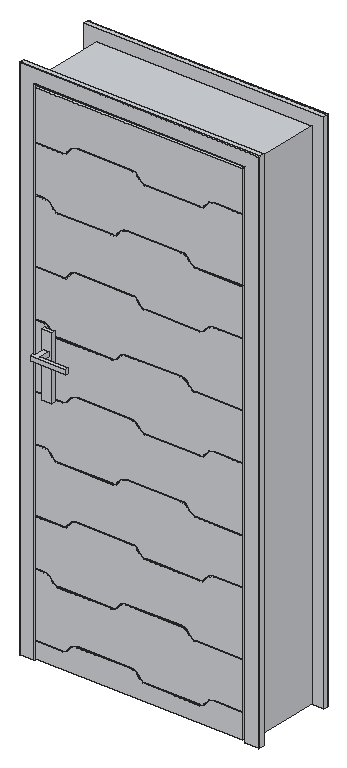
Revit family "PortaVECTORbp_I", category Drzwi, Revit 2016
Family settings
  Obiekt nadrzędny = Ściana
  Zawsze pionowo = Tak
  Tnij formami wycięć po wczytaniu = Nie
  Współdzielony = Nie
  Punkt obliczania pomieszczeń = Nie
Parameters (values of type "PN 80")
  Zakres szerokości muru [instance] = if(and(Szerokość ściany > 94 mm, Szerokość ściany < 120 mm), "B", (if(and(Szerokość ściany > 119 mm, Szerokość ściany < 140 mm), "C", (if(and(Szerokość ściany > 139 mm, Szerokość ściany < 160 mm), "D", (if(and(Szerokość ściany > 159 mm, Szerokość ściany < 180 mm), "E", (if(and(Szerokość ściany > 179 mm, Szerokość ściany < 200 mm), "F", (if(and(Szerokość ściany > 199 mm, Szerokość ściany < 220 mm), "G", (if(and(Szerokość ściany > 219 mm, Szerokość ściany < 240 mm), "H", (if(and(Szerokość ściany > 239 mm, Szerokość ściany < 260 mm), "I", (if(and(Szerokość ściany > 259 mm, Szerokość ściany < 280 mm), "J", (if(and(Szerokość ściany > 279 mm, Szerokość ściany < 301 mm), "K", "BRAK")))))))))))))))))))  # "K"
  Wysokość brutto = 2060 mm
  Szerokość ściany [instance] = 300 mm
  Szerokość brutto = 880 mm
  Model = "Porta Vector I"
  Konstrukcja analityczna = "<Brak>"
  Funkcja = Wewnętrzna
  URL = "www.porta.com.pl"
  Ss = 818 mm
  Sb = 846 mm
  Producent = "PORTA KMI POLAND"
  Keynote = ""
  Opis = "Własność Porta KMI Poland, wszelkie prawa zastrzeżone."  # constant formula
  Wysokość = 2016 mm
  Zakończenie ściany = Wg obiektu nadrzędnego
  Szerokość = 800 mm
  Materiał_skrzydło [instance] = none
  Materiał_ościeżnica [instance] = none
  Materiał_klamka [instance] = none
  Hs = 2017 mm
Reference planes
  plane 1: y = 0
  plane 2 "Środek (Lewa/Prawa)": x = 0
  plane 3 "Lewy": x = -440
  plane 4 "Prawy": x = 440
  plane 5: z = 2060
  plane 6 "Zewnętrzna": y = 150
  plane 7 "Wewnętrzna": y = -150
  plane 8 "skrzydło": y = -129
Forms (mm)
  Sweep 1, solid, material <- "Materiał_ościeżnica"
    path in 3D
      loop
        line (-440, -150, 0) -> (-440, -150, 2060) -> (440, -150, 2060) -> (440, -150, 0)
    profile origin (-440, -150, 1030) x (0, -1, 0) y (1, 0, 0)
      loop
        line (-24, 39) -> (-72, 39) -> (-72, 17) -> (0, 17) -> (0, -33) -> (16, -33)
        arc (16, -33) -> (18.121, -32.121) -> (19, -30) r 3
        line (19, -30) -> (19, 24)
        arc (19, 24) -> (18.121, 26.121) -> (16, 27) r 3
        line (16, 27) -> (-24, 27) -> (-24, 39)
  Sweep 2, solid, material <- "Materiał_ościeżnica"
    path in 3D
      loop
        line (440, 150, 0) -> (440, 150, 2060) -> (-440, 150, 2060) -> (-440, 150, 0)
    profile origin (-440, 150, 1030) x (1, 0, 0) y (0, 1, 0)
      loop
        line (-33, 0) -> (17, 0) -> (17, -228) -> (39, -228) -> (39, -1)
        arc (39, -1) -> (37.536, 2.536) -> (34, 4) r 5
        line (34, 4) -> (25, 4) -> (25, 16)
        arc (25, 16) -> (24.121, 18.121) -> (22, 19) r 3
        line (22, 19) -> (-30, 19)
        arc (-30, 19) -> (-32.121, 18.121) -> (-33, 16) r 3
        line (-33, 16) -> (-33, 0)
  Sweep 3, solid, not visible
    path in 3D
      loop
        line (-440, -150, 0) -> (-440, -150, 2060)
    profile origin (-440, -150, 1030) x (0, -1, 0) y (1, 0, 0)
      loop
        line (-151, 17) -> (-149, 17) -> (-149, 19) -> (-151, 19) -> (-151, 17)
Cuts and joins
  joined: Sweep 1, Sweep 2
Lines and regions (mm)
  Opening 1
    outline origin (-3050, -150, 0) x (1, 0, 0) y (0, 0, 1)
      loop
        line (2610, 0) -> (3490, 0) -> (3490, 2060) -> (2610, 2060) -> (2610, 0)
  sketch lines
    curve 1: line (-440, -150, 0) -> (-440, -150, 2060)
    curve 2: line (-440, -150, 2060) -> (440, -150, 2060)
    curve 3: line (440, -150, 2060) -> (440, -150, 0)
    curve 4: line (-440, 150, 2060) -> (-440, 150, 0)
    curve 5: line (440, 150, 2060) -> (-440, 150, 2060)
    curve 6: line (440, 150, 0) -> (440, 150, 2060)
    curve 12: line (-440, -150, 0) -> (-440, -150, 2060)
  symbolic lines, style "DoorsPanelProjection"
    curve 7: line (409, -150, 0) -> (409, -968, 0)
    curve 8: line (409, -968, 0) -> (369, -968, 0)
    curve 9: line (369, -968, 0) -> (369, -150, 0)
    curve 10: line (369, -150, 0) -> (409, -150, 0)
  symbolic lines, style "Ugięcie rzutu"
    curve 11: arc (-409, -150, 0) -> (-169.413, -728.413, 0) -> (409, -968, 0) r 818
Text (mm)
  text "Zewnętrzna" at (-2295.016, 1099.543, 0), in view "Poziom odniesienia"
  text "Zewnętrzna" at (0, 1615.38, 3698.081), in view "Lewy"
  text "Zewnętrzna" at (0, 1036.032, 3874.932), in view "Prawy"
Dimensions and locks
  equal spacing: plane 3 "Lewy", plane 2 "Środek (Lewa/Prawa)", plane 4 "Prawy"
  "Szerokość brutto": plane 3 "Lewy" to plane 4 "Prawy"
  "Wysokość brutto": plane 5 to host wall
  host wall to plane 5 = 2060 mm  (x2)
  locked: plane 6 "Zewnętrzna" to host wall at 0
  locked: plane 7 "Wewnętrzna" to host wall
  "Sb": Sweep 1 to Sweep 1
  locked: Sweep 1 sketch curve to Sweep 1 sketch curve at 22
  Sweep 1 sketch curve to Sweep 1 sketch curve = 50 mm
  locked: Sweep 1 sketch curve to profile plane at 72
  locked: Sweep 2 sketch curve to Sweep 2 sketch curve at 50
  locked: Sweep 2 sketch curve to Sweep 2 sketch curve at 22
  locked: Sweep 2 sketch curve to plane 6 "Zewnętrzna" at 1
  locked: curve 9 to curve 7 at 40
  "Ss": curve 8 to curve 10
  equal spacing: curve 11, plane 2 "Środek (Lewa/Prawa)", curve 7
  locked: plane 7 "Wewnętrzna" to plane 8 "skrzydło" at 21
  locked: host wall to Sweep 3 sketch curve at 1
  locked: Sweep 3 sketch curve to host wall at 1
  locked: Sweep 3 sketch curve to plane 6 "Zewnętrzna" at 151
  locked: plane 7 "Wewnętrzna" to Sweep 3 sketch curve at 151
  nested 1 to plane 2 "Środek (Lewa/Prawa)" to nested 1 = 409 mm, 409 mm
  locked: nested 1 to level at 8
  "Szerokość ściany": host wall to host wall
  aligned and locked: plane 3 "Lewy" to Opening 1 sketch curve
  aligned and locked: plane 5 to Opening 1 sketch curve  (x2)
  aligned and locked: Opening 1 sketch curve to plane 4 "Prawy"
  aligned and locked: Opening 1 sketch curve to level
  aligned and locked: plane 1 to host wall
  aligned and locked: Sweep 1 to Sweep 2 sketch curve
  aligned and locked: plane 7 "Wewnętrzna" to curve 10
  aligned and locked: Sweep 3 sketch curve to cut or joined group of Sweep 1, Sweep 2
  aligned and locked: Sweep 2 sketch curve to cut or joined group of Sweep 1, Sweep 2
  aligned and locked: nested 1 to plane 8 "skrzydło"
  aligned and locked: plane 2 "Środek (Lewa/Prawa)" to nested 1
Automatic sketch dimensions
  profile plane to Sweep 1 sketch curve = 24 mm
  Sweep 1 sketch curve to profile plane = 16 mm  (x2)
  Sweep 1 sketch curve to Sweep 1 sketch curve = 3 mm
  profile plane to Sweep 1 sketch curve = 17 mm
  Sweep 1 sketch curve to Sweep 1 sketch curve = 7 mm
  Sweep 1 sketch curve to profile plane = 0 mm
  Sweep 2 sketch curve to profile plane = 0 mm
  Sweep 2 sketch curve to profile plane = 16 mm
  Sweep 2 sketch curve to Sweep 2 sketch curve = 3 mm
  Sweep 2 sketch curve to Sweep 2 sketch curve = 5 mm
  Sweep 2 sketch curve to profile plane = 4 mm
  Sweep 2 sketch curve to Sweep 2 sketch curve = 8 mm
  curve 11 to host wall = 0 mm
  Sweep 3 sketch curve to Sweep 3 sketch curve = 2 mm
Nested families
  nested 1: "skrzydło" at (0, -135.5, 0), Materiał_klamka <- "Materiał_klamka", Materiał_skrzydło <- "Materiał_skrzydło", type "skrzydło"
    with Materiał_skrzydło none, Materiał_klamka none
Definition of nested family "skrzydło"
  Parameters
    Ss = 818 mm
    Materiał_skrzydło [instance] = none
    Materiał_klamka [instance] = none
    Hs = 2017 mm
  Reference planes
    plane 1 "Tył": y = 6.5
    plane 2: z = 0
    plane 3 "Środek (Lewa/Prawa)": x = 0
    plane 4 "Przód": y = -33.5
    plane 5: z = 2025
    plane 6 "Centrum": y = -13.5
    plane 7: z = 8
    plane 8: x = -409
    plane 9: x = 409
  Forms (mm)
    Extrusion 1, solid, material <- "Materiał_skrzydło"
      sketch origin (-1191.728, -1524, 8) x (-1, 0, 0) y (0, -1, 0)
        loop
          line (-1600.728, -1490.5) -> (-1600.728, -1530.5) -> (-782.728, -1530.5) -> (-782.728, -1490.5) -> (-1600.728, -1490.5)
      from 0 to 2017
    Extrusion 2, void
      sketch origin (-2050.117, -33.5, 1200) x (1, 0, 0) y (0, 0, 1)
        loop
          line (1675.466, -871.949) -> (1458.145, -871.949) -> (1458.145, -875.949) -> (1675.466, -875.949)
          arc (1675.466, -875.949) -> (1685.929, -878.244) -> (1694.471, -884.707) r 25
          line (1694.471, -884.707) -> (1707.236, -899.644)
          arc (1707.236, -899.644) -> (1717.145, -907.141) -> (1729.282, -909.803) r 29
          line (1729.282, -909.803) -> (1945.271, -909.803)
          arc (1945.271, -909.803) -> (1958.147, -906.787) -> (1968.346, -898.368) r 29
          line (1968.346, -898.368) -> (1977.908, -885.806)
          arc (1977.908, -885.806) -> (1986.7, -878.549) -> (1997.8, -875.949) r 25
          line (1997.8, -875.949) -> (2216.753, -875.949)
          arc (2216.753, -875.949) -> (2227.57, -878.41) -> (2236.257, -885.309) r 25
          line (2236.257, -885.309) -> (2247.192, -898.945)
          arc (2247.192, -898.945) -> (2257.269, -906.948) -> (2269.816, -909.803) r 29
          line (2269.816, -909.803) -> (2507.656, -909.803)
          arc (2507.656, -909.803) -> (2520.165, -906.966) -> (2530.226, -899.011) r 29
          line (2530.226, -899.011) -> (2541.326, -885.252)
          arc (2541.326, -885.252) -> (2550, -878.394) -> (2560.784, -875.949) r 25
          line (2560.784, -875.949) -> (2668.145, -875.949) -> (2668.145, -871.949) -> (2560.784, -871.949)
          arc (2560.784, -871.949) -> (2548.275, -874.786) -> (2538.213, -882.741) r 29
          line (2538.213, -882.741) -> (2527.113, -896.5)
          arc (2527.113, -896.5) -> (2518.439, -903.357) -> (2507.656, -905.803) r 25
          line (2507.656, -905.803) -> (2269.816, -905.803)
          arc (2269.816, -905.803) -> (2258.999, -903.342) -> (2250.312, -896.443) r 25
          line (2250.312, -896.443) -> (2239.377, -882.807)
          arc (2239.377, -882.807) -> (2229.3, -874.804) -> (2216.753, -871.949) r 29
          line (2216.753, -871.949) -> (1997.8, -871.949)
          arc (1997.8, -871.949) -> (1984.924, -874.965) -> (1974.725, -883.384) r 29
          line (1974.725, -883.384) -> (1965.163, -895.945)
          arc (1965.163, -895.945) -> (1956.371, -903.203) -> (1945.271, -905.803) r 25
          line (1945.271, -905.803) -> (1729.282, -905.803)
          arc (1729.282, -905.803) -> (1718.819, -903.508) -> (1710.277, -897.045) r 25
          line (1710.277, -897.045) -> (1697.511, -882.108)
          arc (1697.511, -882.108) -> (1687.603, -874.611) -> (1675.466, -871.949) r 29
        loop
          arc (2580.54, -1102.803) -> (2570.464, -1094.803) -> (2557.919, -1091.949) r 29
          line (2557.919, -1091.949) -> (2343.318, -1091.949)
          arc (2343.318, -1091.949) -> (2331.295, -1094.559) -> (2321.436, -1101.918) r 29
          line (2321.436, -1101.918) -> (2308.137, -1117.209)
          arc (2308.137, -1117.209) -> (2299.638, -1123.553) -> (2289.274, -1125.803) r 25
          line (2289.274, -1125.803) -> (2073.39, -1125.803)
          arc (2073.39, -1125.803) -> (2062.276, -1123.197) -> (2053.48, -1115.922) r 25
          line (2053.48, -1115.922) -> (2043.979, -1103.411)
          arc (2043.979, -1103.411) -> (2033.775, -1094.972) -> (2020.883, -1091.949) r 29
          line (2020.883, -1091.949) -> (1801.919, -1091.949)
          arc (1801.919, -1091.949) -> (1789.372, -1094.804) -> (1779.295, -1102.807) r 29
          line (1779.295, -1102.807) -> (1768.36, -1116.443)
          arc (1768.36, -1116.443) -> (1759.673, -1123.342) -> (1748.856, -1125.803) r 25
          line (1748.856, -1125.803) -> (1510.527, -1125.803) -> (1510.527, -1129.803) -> (1748.856, -1129.803)
          arc (1748.856, -1129.803) -> (1761.403, -1126.948) -> (1771.48, -1118.945) r 29
          line (1771.48, -1118.945) -> (1782.415, -1105.309)
          arc (1782.415, -1105.309) -> (1791.102, -1098.41) -> (1801.919, -1095.949) r 25
          line (1801.919, -1095.949) -> (2020.883, -1095.949)
          arc (2020.883, -1095.949) -> (2031.997, -1098.555) -> (2040.793, -1105.83) r 25
          line (2040.793, -1105.83) -> (2050.294, -1118.341)
          arc (2050.294, -1118.341) -> (2060.498, -1126.78) -> (2073.39, -1129.803) r 29
          line (2073.39, -1129.803) -> (2289.274, -1129.803)
          arc (2289.274, -1129.803) -> (2301.297, -1127.193) -> (2311.156, -1119.834) r 29
          line (2311.156, -1119.834) -> (2324.455, -1104.543)
          arc (2324.455, -1104.543) -> (2332.954, -1098.199) -> (2343.318, -1095.949) r 25
          line (2343.318, -1095.949) -> (2557.919, -1095.949)
          arc (2557.919, -1095.949) -> (2568.733, -1098.409) -> (2577.42, -1105.306) r 25
          line (2577.42, -1105.306) -> (2585.276, -1115.1) -> (2588.396, -1112.597) -> (2580.54, -1102.803)
        loop
          arc (2580.54, -662.803) -> (2570.464, -654.803) -> (2557.919, -651.949) r 29
          line (2557.919, -651.949) -> (2343.318, -651.949)
          arc (2343.318, -651.949) -> (2331.295, -654.559) -> (2321.436, -661.918) r 29
          line (2321.436, -661.918) -> (2308.137, -677.209)
          arc (2308.137, -677.209) -> (2299.638, -683.553) -> (2289.274, -685.803) r 25
          line (2289.274, -685.803) -> (2073.39, -685.803)
          arc (2073.39, -685.803) -> (2062.276, -683.197) -> (2053.48, -675.922) r 25
          line (2053.48, -675.922) -> (2043.979, -663.411)
          arc (2043.979, -663.411) -> (2033.775, -654.972) -> (2020.883, -651.949) r 29
          line (2020.883, -651.949) -> (1801.919, -651.949)
          arc (1801.919, -651.949) -> (1789.372, -654.804) -> (1779.295, -662.807) r 29
          line (1779.295, -662.807) -> (1768.36, -676.443)
          arc (1768.36, -676.443) -> (1759.673, -683.342) -> (1748.856, -685.803) r 25
          line (1748.856, -685.803) -> (1510.527, -685.803) -> (1510.527, -689.803) -> (1748.856, -689.803)
          arc (1748.856, -689.803) -> (1761.403, -686.948) -> (1771.48, -678.945) r 29
          line (1771.48, -678.945) -> (1782.415, -665.309)
          arc (1782.415, -665.309) -> (1791.102, -658.41) -> (1801.919, -655.949) r 25
          line (1801.919, -655.949) -> (2020.883, -655.949)
          arc (2020.883, -655.949) -> (2031.997, -658.555) -> (2040.793, -665.83) r 25
          line (2040.793, -665.83) -> (2050.294, -678.341)
          arc (2050.294, -678.341) -> (2060.498, -686.78) -> (2073.39, -689.803) r 29
          line (2073.39, -689.803) -> (2289.274, -689.803)
          arc (2289.274, -689.803) -> (2301.297, -687.193) -> (2311.156, -679.834) r 29
          line (2311.156, -679.834) -> (2324.455, -664.543)
          arc (2324.455, -664.543) -> (2332.954, -658.199) -> (2343.318, -655.949) r 25
          line (2343.318, -655.949) -> (2557.919, -655.949)
          arc (2557.919, -655.949) -> (2568.733, -658.409) -> (2577.42, -665.306) r 25
          line (2577.42, -665.306) -> (2585.276, -675.1) -> (2588.396, -672.597) -> (2580.54, -662.803)
        loop
          arc (2580.54, -222.803) -> (2570.464, -214.803) -> (2557.919, -211.949) r 29
          line (2557.919, -211.949) -> (2343.318, -211.949)
          arc (2343.318, -211.949) -> (2331.295, -214.559) -> (2321.436, -221.918) r 29
          line (2321.436, -221.918) -> (2308.137, -237.209)
          arc (2308.137, -237.209) -> (2299.638, -243.553) -> (2289.274, -245.803) r 25
          line (2289.274, -245.803) -> (2073.39, -245.803)
          arc (2073.39, -245.803) -> (2062.276, -243.197) -> (2053.48, -235.922) r 25
          line (2053.48, -235.922) -> (2043.979, -223.411)
          arc (2043.979, -223.411) -> (2033.775, -214.972) -> (2020.883, -211.949) r 29
          line (2020.883, -211.949) -> (1801.919, -211.949)
          arc (1801.919, -211.949) -> (1789.372, -214.804) -> (1779.295, -222.807) r 29
          line (1779.295, -222.807) -> (1768.36, -236.443)
          arc (1768.36, -236.443) -> (1759.673, -243.342) -> (1748.856, -245.803) r 25
          line (1748.856, -245.803) -> (1510.527, -245.803) -> (1510.527, -249.803) -> (1748.856, -249.803)
          arc (1748.856, -249.803) -> (1761.403, -246.948) -> (1771.48, -238.945) r 29
          line (1771.48, -238.945) -> (1782.415, -225.309)
          arc (1782.415, -225.309) -> (1791.102, -218.41) -> (1801.919, -215.949) r 25
          line (1801.919, -215.949) -> (2020.883, -215.949)
          arc (2020.883, -215.949) -> (2031.997, -218.555) -> (2040.793, -225.83) r 25
          line (2040.793, -225.83) -> (2050.294, -238.341)
          arc (2050.294, -238.341) -> (2060.498, -246.78) -> (2073.39, -249.803) r 29
          line (2073.39, -249.803) -> (2289.274, -249.803)
          arc (2289.274, -249.803) -> (2301.297, -247.193) -> (2311.156, -239.834) r 29
          line (2311.156, -239.834) -> (2324.455, -224.543)
          arc (2324.455, -224.543) -> (2332.954, -218.199) -> (2343.318, -215.949) r 25
          line (2343.318, -215.949) -> (2557.919, -215.949)
          arc (2557.919, -215.949) -> (2568.733, -218.409) -> (2577.42, -225.306) r 25
          line (2577.42, -225.306) -> (2585.276, -235.1) -> (2588.396, -232.597) -> (2580.54, -222.803)
        loop
          arc (2580.54, 217.197) -> (2570.464, 225.197) -> (2557.919, 228.051) r 29
          line (2557.919, 228.051) -> (2343.318, 228.051)
          arc (2343.318, 228.051) -> (2331.295, 225.441) -> (2321.436, 218.082) r 29
          line (2321.436, 218.082) -> (2308.137, 202.791)
          arc (2308.137, 202.791) -> (2299.638, 196.447) -> (2289.274, 194.197) r 25
          line (2289.274, 194.197) -> (2073.39, 194.197)
          arc (2073.39, 194.197) -> (2062.276, 196.803) -> (2053.48, 204.078) r 25
          line (2053.48, 204.078) -> (2043.979, 216.589)
          arc (2043.979, 216.589) -> (2033.775, 225.028) -> (2020.883, 228.051) r 29
          line (2020.883, 228.051) -> (1801.919, 228.051)
          arc (1801.919, 228.051) -> (1789.372, 225.196) -> (1779.295, 217.193) r 29
          line (1779.295, 217.193) -> (1768.36, 203.557)
          arc (1768.36, 203.557) -> (1759.673, 196.658) -> (1748.856, 194.197) r 25
          line (1748.856, 194.197) -> (1510.527, 194.197) -> (1510.527, 190.197) -> (1748.856, 190.197)
          arc (1748.856, 190.197) -> (1761.403, 193.052) -> (1771.48, 201.055) r 29
          line (1771.48, 201.055) -> (1782.415, 214.691)
          arc (1782.415, 214.691) -> (1791.102, 221.59) -> (1801.919, 224.051) r 25
          line (1801.919, 224.051) -> (2020.883, 224.051)
          arc (2020.883, 224.051) -> (2031.997, 221.445) -> (2040.793, 214.17) r 25
          line (2040.793, 214.17) -> (2050.294, 201.659)
          arc (2050.294, 201.659) -> (2060.498, 193.22) -> (2073.39, 190.197) r 29
          line (2073.39, 190.197) -> (2289.274, 190.197)
          arc (2289.274, 190.197) -> (2301.297, 192.807) -> (2311.156, 200.166) r 29
          line (2311.156, 200.166) -> (2324.455, 215.457)
          arc (2324.455, 215.457) -> (2332.954, 221.801) -> (2343.318, 224.051) r 25
          line (2343.318, 224.051) -> (2557.919, 224.051)
          arc (2557.919, 224.051) -> (2568.733, 221.591) -> (2577.42, 214.694) r 25
          line (2577.42, 214.694) -> (2585.276, 204.9) -> (2588.396, 207.403) -> (2580.54, 217.197)
        loop
          arc (2580.54, 657.197) -> (2570.464, 665.197) -> (2557.919, 668.051) r 29
          line (2557.919, 668.051) -> (2343.318, 668.051)
          arc (2343.318, 668.051) -> (2331.295, 665.441) -> (2321.436, 658.082) r 29
          line (2321.436, 658.082) -> (2308.137, 642.791)
          arc (2308.137, 642.791) -> (2299.638, 636.447) -> (2289.274, 634.197) r 25
          line (2289.274, 634.197) -> (2073.39, 634.197)
          arc (2073.39, 634.197) -> (2062.276, 636.803) -> (2053.48, 644.078) r 25
          line (2053.48, 644.078) -> (2043.979, 656.589)
          arc (2043.979, 656.589) -> (2033.775, 665.028) -> (2020.883, 668.051) r 29
          line (2020.883, 668.051) -> (1801.919, 668.051)
          arc (1801.919, 668.051) -> (1789.372, 665.196) -> (1779.295, 657.193) r 29
          line (1779.295, 657.193) -> (1768.36, 643.557)
          arc (1768.36, 643.557) -> (1759.673, 636.658) -> (1748.856, 634.197) r 25
          line (1748.856, 634.197) -> (1510.527, 634.197) -> (1510.527, 630.197) -> (1748.856, 630.197)
          arc (1748.856, 630.197) -> (1761.403, 633.052) -> (1771.48, 641.055) r 29
          line (1771.48, 641.055) -> (1782.415, 654.691)
          arc (1782.415, 654.691) -> (1791.102, 661.59) -> (1801.919, 664.051) r 25
          line (1801.919, 664.051) -> (2020.883, 664.051)
          arc (2020.883, 664.051) -> (2031.997, 661.445) -> (2040.793, 654.17) r 25
          line (2040.793, 654.17) -> (2050.294, 641.659)
          arc (2050.294, 641.659) -> (2060.498, 633.22) -> (2073.39, 630.197) r 29
          line (2073.39, 630.197) -> (2289.274, 630.197)
          arc (2289.274, 630.197) -> (2301.297, 632.807) -> (2311.156, 640.166) r 29
          line (2311.156, 640.166) -> (2324.455, 655.457)
          arc (2324.455, 655.457) -> (2332.954, 661.801) -> (2343.318, 664.051) r 25
          line (2343.318, 664.051) -> (2557.919, 664.051)
          arc (2557.919, 664.051) -> (2568.733, 661.591) -> (2577.42, 654.694) r 25
          line (2577.42, 654.694) -> (2585.276, 644.9) -> (2588.396, 647.403) -> (2580.54, 657.197)
        loop
          line (1675.466, -431.949) -> (1458.145, -431.949) -> (1458.145, -435.949) -> (1675.466, -435.949)
          arc (1675.466, -435.949) -> (1685.929, -438.244) -> (1694.471, -444.707) r 25
          line (1694.471, -444.707) -> (1707.236, -459.644)
          arc (1707.236, -459.644) -> (1717.145, -467.141) -> (1729.282, -469.803) r 29
          line (1729.282, -469.803) -> (1945.271, -469.803)
          arc (1945.271, -469.803) -> (1958.147, -466.787) -> (1968.346, -458.368) r 29
          line (1968.346, -458.368) -> (1977.908, -445.806)
          arc (1977.908, -445.806) -> (1986.7, -438.549) -> (1997.8, -435.949) r 25
          line (1997.8, -435.949) -> (2216.753, -435.949)
          arc (2216.753, -435.949) -> (2227.57, -438.41) -> (2236.257, -445.309) r 25
          line (2236.257, -445.309) -> (2247.192, -458.945)
          arc (2247.192, -458.945) -> (2257.269, -466.948) -> (2269.816, -469.803) r 29
          line (2269.816, -469.803) -> (2507.656, -469.803)
          arc (2507.656, -469.803) -> (2520.165, -466.966) -> (2530.226, -459.011) r 29
          line (2530.226, -459.011) -> (2541.326, -445.252)
          arc (2541.326, -445.252) -> (2550, -438.394) -> (2560.784, -435.949) r 25
          line (2560.784, -435.949) -> (2668.145, -435.949) -> (2668.145, -431.949) -> (2560.784, -431.949)
          arc (2560.784, -431.949) -> (2548.275, -434.786) -> (2538.213, -442.741) r 29
          line (2538.213, -442.741) -> (2527.113, -456.5)
          arc (2527.113, -456.5) -> (2518.439, -463.357) -> (2507.656, -465.803) r 25
          line (2507.656, -465.803) -> (2269.816, -465.803)
          arc (2269.816, -465.803) -> (2258.999, -463.342) -> (2250.312, -456.443) r 25
          line (2250.312, -456.443) -> (2239.377, -442.807)
          arc (2239.377, -442.807) -> (2229.3, -434.804) -> (2216.753, -431.949) r 29
          line (2216.753, -431.949) -> (1997.8, -431.949)
          arc (1997.8, -431.949) -> (1984.924, -434.965) -> (1974.725, -443.384) r 29
          line (1974.725, -443.384) -> (1965.163, -455.945)
          arc (1965.163, -455.945) -> (1956.371, -463.203) -> (1945.271, -465.803) r 25
          line (1945.271, -465.803) -> (1729.282, -465.803)
          arc (1729.282, -465.803) -> (1718.819, -463.508) -> (1710.277, -457.045) r 25
          line (1710.277, -457.045) -> (1697.511, -442.108)
          arc (1697.511, -442.108) -> (1687.603, -434.611) -> (1675.466, -431.949) r 29
        loop
          line (1675.466, 8.051) -> (1458.145, 8.051) -> (1458.145, 4.051) -> (1675.466, 4.051)
          arc (1675.466, 4.051) -> (1685.929, 1.756) -> (1694.471, -4.707) r 25
          line (1694.471, -4.707) -> (1707.236, -19.644)
          arc (1707.236, -19.644) -> (1717.145, -27.141) -> (1729.282, -29.803) r 29
          line (1729.282, -29.803) -> (1945.271, -29.803)
          arc (1945.271, -29.803) -> (1958.147, -26.787) -> (1968.346, -18.368) r 29
          line (1968.346, -18.368) -> (1977.908, -5.806)
          arc (1977.908, -5.806) -> (1986.7, 1.451) -> (1997.8, 4.051) r 25
          line (1997.8, 4.051) -> (2216.753, 4.051)
          arc (2216.753, 4.051) -> (2227.57, 1.59) -> (2236.257, -5.309) r 25
          line (2236.257, -5.309) -> (2247.192, -18.945)
          arc (2247.192, -18.945) -> (2257.269, -26.948) -> (2269.816, -29.803) r 29
          line (2269.816, -29.803) -> (2507.656, -29.803)
          arc (2507.656, -29.803) -> (2520.165, -26.966) -> (2530.226, -19.011) r 29
          line (2530.226, -19.011) -> (2541.326, -5.252)
          arc (2541.326, -5.252) -> (2550, 1.606) -> (2560.784, 4.051) r 25
          line (2560.784, 4.051) -> (2668.145, 4.051) -> (2668.145, 8.051) -> (2560.784, 8.051)
          arc (2560.784, 8.051) -> (2548.275, 5.214) -> (2538.213, -2.741) r 29
          line (2538.213, -2.741) -> (2527.113, -16.5)
          arc (2527.113, -16.5) -> (2518.439, -23.357) -> (2507.656, -25.803) r 25
          line (2507.656, -25.803) -> (2269.816, -25.803)
          arc (2269.816, -25.803) -> (2258.999, -23.342) -> (2250.312, -16.443) r 25
          line (2250.312, -16.443) -> (2239.377, -2.807)
          arc (2239.377, -2.807) -> (2229.3, 5.196) -> (2216.753, 8.051) r 29
          line (2216.753, 8.051) -> (1997.8, 8.051)
          arc (1997.8, 8.051) -> (1984.924, 5.035) -> (1974.725, -3.384) r 29
          line (1974.725, -3.384) -> (1965.163, -15.945)
          arc (1965.163, -15.945) -> (1956.371, -23.203) -> (1945.271, -25.803) r 25
          line (1945.271, -25.803) -> (1729.282, -25.803)
          arc (1729.282, -25.803) -> (1718.819, -23.508) -> (1710.277, -17.045) r 25
          line (1710.277, -17.045) -> (1697.511, -2.108)
          arc (1697.511, -2.108) -> (1687.603, 5.389) -> (1675.466, 8.051) r 29
        loop
          line (1675.466, 448.051) -> (1458.145, 448.051) -> (1458.145, 444.051) -> (1675.466, 444.051)
          arc (1675.466, 444.051) -> (1685.929, 441.756) -> (1694.471, 435.293) r 25
          line (1694.471, 435.293) -> (1707.236, 420.356)
          arc (1707.236, 420.356) -> (1717.145, 412.859) -> (1729.282, 410.197) r 29
          line (1729.282, 410.197) -> (1945.271, 410.197)
          arc (1945.271, 410.197) -> (1958.147, 413.213) -> (1968.346, 421.632) r 29
          line (1968.346, 421.632) -> (1977.908, 434.194)
          arc (1977.908, 434.194) -> (1986.7, 441.451) -> (1997.8, 444.051) r 25
          line (1997.8, 444.051) -> (2216.753, 444.051)
          arc (2216.753, 444.051) -> (2227.57, 441.59) -> (2236.257, 434.691) r 25
          line (2236.257, 434.691) -> (2247.192, 421.055)
          arc (2247.192, 421.055) -> (2257.269, 413.052) -> (2269.816, 410.197) r 29
          line (2269.816, 410.197) -> (2507.656, 410.197)
          arc (2507.656, 410.197) -> (2520.165, 413.034) -> (2530.226, 420.989) r 29
          line (2530.226, 420.989) -> (2541.326, 434.748)
          arc (2541.326, 434.748) -> (2550, 441.606) -> (2560.784, 444.051) r 25
          line (2560.784, 444.051) -> (2668.145, 444.051) -> (2668.145, 448.051) -> (2560.784, 448.051)
          arc (2560.784, 448.051) -> (2548.275, 445.214) -> (2538.213, 437.259) r 29
          line (2538.213, 437.259) -> (2527.113, 423.5)
          arc (2527.113, 423.5) -> (2518.439, 416.643) -> (2507.656, 414.197) r 25
          line (2507.656, 414.197) -> (2269.816, 414.197)
          arc (2269.816, 414.197) -> (2258.999, 416.658) -> (2250.312, 423.557) r 25
          line (2250.312, 423.557) -> (2239.377, 437.193)
          arc (2239.377, 437.193) -> (2229.3, 445.196) -> (2216.753, 448.051) r 29
          line (2216.753, 448.051) -> (1997.8, 448.051)
          arc (1997.8, 448.051) -> (1984.924, 445.035) -> (1974.725, 436.616) r 29
          line (1974.725, 436.616) -> (1965.163, 424.055)
          arc (1965.163, 424.055) -> (1956.371, 416.797) -> (1945.271, 414.197) r 25
          line (1945.271, 414.197) -> (1729.282, 414.197)
          arc (1729.282, 414.197) -> (1718.819, 416.492) -> (1710.277, 422.955) r 25
          line (1710.277, 422.955) -> (1697.511, 437.892)
          arc (1697.511, 437.892) -> (1687.603, 445.389) -> (1675.466, 448.051) r 29
      from -1 to 10
    Extrusion 3, void
      sketch origin (-2050.117, 6.5, 1200) x (1, 0, 0) y (0, 0, -1)
        loop
          arc (1675.466, 871.949) -> (1687.603, 874.611) -> (1697.511, 882.108) r 29
          line (1697.511, 882.108) -> (1710.277, 897.045)
          arc (1710.277, 897.045) -> (1718.819, 903.508) -> (1729.282, 905.803) r 25
          line (1729.282, 905.803) -> (1945.271, 905.803)
          arc (1945.271, 905.803) -> (1956.371, 903.203) -> (1965.163, 895.945) r 25
          line (1965.163, 895.945) -> (1974.725, 883.384)
          arc (1974.725, 883.384) -> (1984.924, 874.965) -> (1997.8, 871.949) r 29
          line (1997.8, 871.949) -> (2216.753, 871.949)
          arc (2216.753, 871.949) -> (2229.3, 874.804) -> (2239.377, 882.807) r 29
          line (2239.377, 882.807) -> (2250.312, 896.443)
          arc (2250.312, 896.443) -> (2258.999, 903.342) -> (2269.816, 905.803) r 25
          line (2269.816, 905.803) -> (2507.656, 905.803)
          arc (2507.656, 905.803) -> (2518.439, 903.357) -> (2527.113, 896.5) r 25
          line (2527.113, 896.5) -> (2538.213, 882.741)
          arc (2538.213, 882.741) -> (2548.275, 874.786) -> (2560.784, 871.949) r 29
          line (2560.784, 871.949) -> (2668.145, 871.949) -> (2668.145, 875.949) -> (2560.784, 875.949)
          arc (2560.784, 875.949) -> (2550, 878.394) -> (2541.326, 885.252) r 25
          line (2541.326, 885.252) -> (2530.226, 899.011)
          arc (2530.226, 899.011) -> (2520.165, 906.966) -> (2507.656, 909.803) r 29
          line (2507.656, 909.803) -> (2269.816, 909.803)
          arc (2269.816, 909.803) -> (2257.269, 906.948) -> (2247.192, 898.945) r 29
          line (2247.192, 898.945) -> (2236.257, 885.309)
          arc (2236.257, 885.309) -> (2227.57, 878.41) -> (2216.753, 875.949) r 25
          line (2216.753, 875.949) -> (1997.8, 875.949)
          arc (1997.8, 875.949) -> (1986.7, 878.549) -> (1977.908, 885.806) r 25
          line (1977.908, 885.806) -> (1968.346, 898.368)
          arc (1968.346, 898.368) -> (1958.147, 906.787) -> (1945.271, 909.803) r 29
          line (1945.271, 909.803) -> (1729.282, 909.803)
          arc (1729.282, 909.803) -> (1717.145, 907.141) -> (1707.236, 899.644) r 29
          line (1707.236, 899.644) -> (1694.471, 884.707)
          arc (1694.471, 884.707) -> (1685.929, 878.244) -> (1675.466, 875.949) r 25
          line (1675.466, 875.949) -> (1458.145, 875.949) -> (1458.145, 871.949) -> (1675.466, 871.949)
        loop
          line (2580.54, 1102.803) -> (2588.396, 1112.597) -> (2585.276, 1115.1) -> (2577.42, 1105.306)
          arc (2577.42, 1105.306) -> (2568.733, 1098.409) -> (2557.919, 1095.949) r 25
          line (2557.919, 1095.949) -> (2343.318, 1095.949)
          arc (2343.318, 1095.949) -> (2332.954, 1098.199) -> (2324.455, 1104.543) r 25
          line (2324.455, 1104.543) -> (2311.156, 1119.834)
          arc (2311.156, 1119.834) -> (2301.297, 1127.193) -> (2289.274, 1129.803) r 29
          line (2289.274, 1129.803) -> (2073.39, 1129.803)
          arc (2073.39, 1129.803) -> (2060.498, 1126.78) -> (2050.294, 1118.341) r 29
          line (2050.294, 1118.341) -> (2040.793, 1105.83)
          arc (2040.793, 1105.83) -> (2031.997, 1098.555) -> (2020.883, 1095.949) r 25
          line (2020.883, 1095.949) -> (1801.919, 1095.949)
          arc (1801.919, 1095.949) -> (1791.102, 1098.41) -> (1782.415, 1105.309) r 25
          line (1782.415, 1105.309) -> (1771.48, 1118.945)
          arc (1771.48, 1118.945) -> (1761.403, 1126.948) -> (1748.856, 1129.803) r 29
          line (1748.856, 1129.803) -> (1510.527, 1129.803) -> (1510.527, 1125.803) -> (1748.856, 1125.803)
          arc (1748.856, 1125.803) -> (1759.673, 1123.342) -> (1768.36, 1116.443) r 25
          line (1768.36, 1116.443) -> (1779.295, 1102.807)
          arc (1779.295, 1102.807) -> (1789.372, 1094.804) -> (1801.919, 1091.949) r 29
          line (1801.919, 1091.949) -> (2020.883, 1091.949)
          arc (2020.883, 1091.949) -> (2033.775, 1094.972) -> (2043.979, 1103.411) r 29
          line (2043.979, 1103.411) -> (2053.48, 1115.922)
          arc (2053.48, 1115.922) -> (2062.276, 1123.197) -> (2073.39, 1125.803) r 25
          line (2073.39, 1125.803) -> (2289.274, 1125.803)
          arc (2289.274, 1125.803) -> (2299.638, 1123.553) -> (2308.137, 1117.209) r 25
          line (2308.137, 1117.209) -> (2321.436, 1101.918)
          arc (2321.436, 1101.918) -> (2331.295, 1094.559) -> (2343.318, 1091.949) r 29
          line (2343.318, 1091.949) -> (2557.919, 1091.949)
          arc (2557.919, 1091.949) -> (2570.464, 1094.803) -> (2580.54, 1102.803) r 29
        loop
          line (2580.54, 662.803) -> (2588.396, 672.597) -> (2585.276, 675.1) -> (2577.42, 665.306)
          arc (2577.42, 665.306) -> (2568.733, 658.409) -> (2557.919, 655.949) r 25
          line (2557.919, 655.949) -> (2343.318, 655.949)
          arc (2343.318, 655.949) -> (2332.954, 658.199) -> (2324.455, 664.543) r 25
          line (2324.455, 664.543) -> (2311.156, 679.834)
          arc (2311.156, 679.834) -> (2301.297, 687.193) -> (2289.274, 689.803) r 29
          line (2289.274, 689.803) -> (2073.39, 689.803)
          arc (2073.39, 689.803) -> (2060.498, 686.78) -> (2050.294, 678.341) r 29
          line (2050.294, 678.341) -> (2040.793, 665.83)
          arc (2040.793, 665.83) -> (2031.997, 658.555) -> (2020.883, 655.949) r 25
          line (2020.883, 655.949) -> (1801.919, 655.949)
          arc (1801.919, 655.949) -> (1791.102, 658.41) -> (1782.415, 665.309) r 25
          line (1782.415, 665.309) -> (1771.48, 678.945)
          arc (1771.48, 678.945) -> (1761.403, 686.948) -> (1748.856, 689.803) r 29
          line (1748.856, 689.803) -> (1510.527, 689.803) -> (1510.527, 685.803) -> (1748.856, 685.803)
          arc (1748.856, 685.803) -> (1759.673, 683.342) -> (1768.36, 676.443) r 25
          line (1768.36, 676.443) -> (1779.295, 662.807)
          arc (1779.295, 662.807) -> (1789.372, 654.804) -> (1801.919, 651.949) r 29
          line (1801.919, 651.949) -> (2020.883, 651.949)
          arc (2020.883, 651.949) -> (2033.775, 654.972) -> (2043.979, 663.411) r 29
          line (2043.979, 663.411) -> (2053.48, 675.922)
          arc (2053.48, 675.922) -> (2062.276, 683.197) -> (2073.39, 685.803) r 25
          line (2073.39, 685.803) -> (2289.274, 685.803)
          arc (2289.274, 685.803) -> (2299.638, 683.553) -> (2308.137, 677.209) r 25
          line (2308.137, 677.209) -> (2321.436, 661.918)
          arc (2321.436, 661.918) -> (2331.295, 654.559) -> (2343.318, 651.949) r 29
          line (2343.318, 651.949) -> (2557.919, 651.949)
          arc (2557.919, 651.949) -> (2570.464, 654.803) -> (2580.54, 662.803) r 29
        loop
          line (2580.54, 222.803) -> (2588.396, 232.597) -> (2585.276, 235.1) -> (2577.42, 225.306)
          arc (2577.42, 225.306) -> (2568.733, 218.409) -> (2557.919, 215.949) r 25
          line (2557.919, 215.949) -> (2343.318, 215.949)
          arc (2343.318, 215.949) -> (2332.954, 218.199) -> (2324.455, 224.543) r 25
          line (2324.455, 224.543) -> (2311.156, 239.834)
          arc (2311.156, 239.834) -> (2301.297, 247.193) -> (2289.274, 249.803) r 29
          line (2289.274, 249.803) -> (2073.39, 249.803)
          arc (2073.39, 249.803) -> (2060.498, 246.78) -> (2050.294, 238.341) r 29
          line (2050.294, 238.341) -> (2040.793, 225.83)
          arc (2040.793, 225.83) -> (2031.997, 218.555) -> (2020.883, 215.949) r 25
          line (2020.883, 215.949) -> (1801.919, 215.949)
          arc (1801.919, 215.949) -> (1791.102, 218.41) -> (1782.415, 225.309) r 25
          line (1782.415, 225.309) -> (1771.48, 238.945)
          arc (1771.48, 238.945) -> (1761.403, 246.948) -> (1748.856, 249.803) r 29
          line (1748.856, 249.803) -> (1510.527, 249.803) -> (1510.527, 245.803) -> (1748.856, 245.803)
          arc (1748.856, 245.803) -> (1759.673, 243.342) -> (1768.36, 236.443) r 25
          line (1768.36, 236.443) -> (1779.295, 222.807)
          arc (1779.295, 222.807) -> (1789.372, 214.804) -> (1801.919, 211.949) r 29
          line (1801.919, 211.949) -> (2020.883, 211.949)
          arc (2020.883, 211.949) -> (2033.775, 214.972) -> (2043.979, 223.411) r 29
          line (2043.979, 223.411) -> (2053.48, 235.922)
          arc (2053.48, 235.922) -> (2062.276, 243.197) -> (2073.39, 245.803) r 25
          line (2073.39, 245.803) -> (2289.274, 245.803)
          arc (2289.274, 245.803) -> (2299.638, 243.553) -> (2308.137, 237.209) r 25
          line (2308.137, 237.209) -> (2321.436, 221.918)
          arc (2321.436, 221.918) -> (2331.295, 214.559) -> (2343.318, 211.949) r 29
          line (2343.318, 211.949) -> (2557.919, 211.949)
          arc (2557.919, 211.949) -> (2570.464, 214.803) -> (2580.54, 222.803) r 29
        loop
          line (2580.54, -217.197) -> (2588.396, -207.403) -> (2585.276, -204.9) -> (2577.42, -214.694)
          arc (2577.42, -214.694) -> (2568.733, -221.591) -> (2557.919, -224.051) r 25
          line (2557.919, -224.051) -> (2343.318, -224.051)
          arc (2343.318, -224.051) -> (2332.954, -221.801) -> (2324.455, -215.457) r 25
          line (2324.455, -215.457) -> (2311.156, -200.166)
          arc (2311.156, -200.166) -> (2301.297, -192.807) -> (2289.274, -190.197) r 29
          line (2289.274, -190.197) -> (2073.39, -190.197)
          arc (2073.39, -190.197) -> (2060.498, -193.22) -> (2050.294, -201.659) r 29
          line (2050.294, -201.659) -> (2040.793, -214.17)
          arc (2040.793, -214.17) -> (2031.997, -221.445) -> (2020.883, -224.051) r 25
          line (2020.883, -224.051) -> (1801.919, -224.051)
          arc (1801.919, -224.051) -> (1791.102, -221.59) -> (1782.415, -214.691) r 25
          line (1782.415, -214.691) -> (1771.48, -201.055)
          arc (1771.48, -201.055) -> (1761.403, -193.052) -> (1748.856, -190.197) r 29
          line (1748.856, -190.197) -> (1510.527, -190.197) -> (1510.527, -194.197) -> (1748.856, -194.197)
          arc (1748.856, -194.197) -> (1759.673, -196.658) -> (1768.36, -203.557) r 25
          line (1768.36, -203.557) -> (1779.295, -217.193)
          arc (1779.295, -217.193) -> (1789.372, -225.196) -> (1801.919, -228.051) r 29
          line (1801.919, -228.051) -> (2020.883, -228.051)
          arc (2020.883, -228.051) -> (2033.775, -225.028) -> (2043.979, -216.589) r 29
          line (2043.979, -216.589) -> (2053.48, -204.078)
          arc (2053.48, -204.078) -> (2062.276, -196.803) -> (2073.39, -194.197) r 25
          line (2073.39, -194.197) -> (2289.274, -194.197)
          arc (2289.274, -194.197) -> (2299.638, -196.447) -> (2308.137, -202.791) r 25
          line (2308.137, -202.791) -> (2321.436, -218.082)
          arc (2321.436, -218.082) -> (2331.295, -225.441) -> (2343.318, -228.051) r 29
          line (2343.318, -228.051) -> (2557.919, -228.051)
          arc (2557.919, -228.051) -> (2570.464, -225.197) -> (2580.54, -217.197) r 29
        loop
          line (2580.54, -657.197) -> (2588.396, -647.403) -> (2585.276, -644.9) -> (2577.42, -654.694)
          arc (2577.42, -654.694) -> (2568.733, -661.591) -> (2557.919, -664.051) r 25
          line (2557.919, -664.051) -> (2343.318, -664.051)
          arc (2343.318, -664.051) -> (2332.954, -661.801) -> (2324.455, -655.457) r 25
          line (2324.455, -655.457) -> (2311.156, -640.166)
          arc (2311.156, -640.166) -> (2301.297, -632.807) -> (2289.274, -630.197) r 29
          line (2289.274, -630.197) -> (2073.39, -630.197)
          arc (2073.39, -630.197) -> (2060.498, -633.22) -> (2050.294, -641.659) r 29
          line (2050.294, -641.659) -> (2040.793, -654.17)
          arc (2040.793, -654.17) -> (2031.997, -661.445) -> (2020.883, -664.051) r 25
          line (2020.883, -664.051) -> (1801.919, -664.051)
          arc (1801.919, -664.051) -> (1791.102, -661.59) -> (1782.415, -654.691) r 25
          line (1782.415, -654.691) -> (1771.48, -641.055)
          arc (1771.48, -641.055) -> (1761.403, -633.052) -> (1748.856, -630.197) r 29
          line (1748.856, -630.197) -> (1510.527, -630.197) -> (1510.527, -634.197) -> (1748.856, -634.197)
          arc (1748.856, -634.197) -> (1759.673, -636.658) -> (1768.36, -643.557) r 25
          line (1768.36, -643.557) -> (1779.295, -657.193)
          arc (1779.295, -657.193) -> (1789.372, -665.196) -> (1801.919, -668.051) r 29
          line (1801.919, -668.051) -> (2020.883, -668.051)
          arc (2020.883, -668.051) -> (2033.775, -665.028) -> (2043.979, -656.589) r 29
          line (2043.979, -656.589) -> (2053.48, -644.078)
          arc (2053.48, -644.078) -> (2062.276, -636.803) -> (2073.39, -634.197) r 25
          line (2073.39, -634.197) -> (2289.274, -634.197)
          arc (2289.274, -634.197) -> (2299.638, -636.447) -> (2308.137, -642.791) r 25
          line (2308.137, -642.791) -> (2321.436, -658.082)
          arc (2321.436, -658.082) -> (2331.295, -665.441) -> (2343.318, -668.051) r 29
          line (2343.318, -668.051) -> (2557.919, -668.051)
          arc (2557.919, -668.051) -> (2570.464, -665.197) -> (2580.54, -657.197) r 29
        loop
          arc (1675.466, 431.949) -> (1687.603, 434.611) -> (1697.511, 442.108) r 29
          line (1697.511, 442.108) -> (1710.277, 457.045)
          arc (1710.277, 457.045) -> (1718.819, 463.508) -> (1729.282, 465.803) r 25
          line (1729.282, 465.803) -> (1945.271, 465.803)
          arc (1945.271, 465.803) -> (1956.371, 463.203) -> (1965.163, 455.945) r 25
          line (1965.163, 455.945) -> (1974.725, 443.384)
          arc (1974.725, 443.384) -> (1984.924, 434.965) -> (1997.8, 431.949) r 29
          line (1997.8, 431.949) -> (2216.753, 431.949)
          arc (2216.753, 431.949) -> (2229.3, 434.804) -> (2239.377, 442.807) r 29
          line (2239.377, 442.807) -> (2250.312, 456.443)
          arc (2250.312, 456.443) -> (2258.999, 463.342) -> (2269.816, 465.803) r 25
          line (2269.816, 465.803) -> (2507.656, 465.803)
          arc (2507.656, 465.803) -> (2518.439, 463.357) -> (2527.113, 456.5) r 25
          line (2527.113, 456.5) -> (2538.213, 442.741)
          arc (2538.213, 442.741) -> (2548.275, 434.786) -> (2560.784, 431.949) r 29
          line (2560.784, 431.949) -> (2668.145, 431.949) -> (2668.145, 435.949) -> (2560.784, 435.949)
          arc (2560.784, 435.949) -> (2550, 438.394) -> (2541.326, 445.252) r 25
          line (2541.326, 445.252) -> (2530.226, 459.011)
          arc (2530.226, 459.011) -> (2520.165, 466.966) -> (2507.656, 469.803) r 29
          line (2507.656, 469.803) -> (2269.816, 469.803)
          arc (2269.816, 469.803) -> (2257.269, 466.948) -> (2247.192, 458.945) r 29
          line (2247.192, 458.945) -> (2236.257, 445.309)
          arc (2236.257, 445.309) -> (2227.57, 438.41) -> (2216.753, 435.949) r 25
          line (2216.753, 435.949) -> (1997.8, 435.949)
          arc (1997.8, 435.949) -> (1986.7, 438.549) -> (1977.908, 445.806) r 25
          line (1977.908, 445.806) -> (1968.346, 458.368)
          arc (1968.346, 458.368) -> (1958.147, 466.787) -> (1945.271, 469.803) r 29
          line (1945.271, 469.803) -> (1729.282, 469.803)
          arc (1729.282, 469.803) -> (1717.145, 467.141) -> (1707.236, 459.644) r 29
          line (1707.236, 459.644) -> (1694.471, 444.707)
          arc (1694.471, 444.707) -> (1685.929, 438.244) -> (1675.466, 435.949) r 25
          line (1675.466, 435.949) -> (1458.145, 435.949) -> (1458.145, 431.949) -> (1675.466, 431.949)
        loop
          arc (1675.466, -8.051) -> (1687.603, -5.389) -> (1697.511, 2.108) r 29
          line (1697.511, 2.108) -> (1710.277, 17.045)
          arc (1710.277, 17.045) -> (1718.819, 23.508) -> (1729.282, 25.803) r 25
          line (1729.282, 25.803) -> (1945.271, 25.803)
          arc (1945.271, 25.803) -> (1956.371, 23.203) -> (1965.163, 15.945) r 25
          line (1965.163, 15.945) -> (1974.725, 3.384)
          arc (1974.725, 3.384) -> (1984.924, -5.035) -> (1997.8, -8.051) r 29
          line (1997.8, -8.051) -> (2216.753, -8.051)
          arc (2216.753, -8.051) -> (2229.3, -5.196) -> (2239.377, 2.807) r 29
          line (2239.377, 2.807) -> (2250.312, 16.443)
          arc (2250.312, 16.443) -> (2258.999, 23.342) -> (2269.816, 25.803) r 25
          line (2269.816, 25.803) -> (2507.656, 25.803)
          arc (2507.656, 25.803) -> (2518.439, 23.357) -> (2527.113, 16.5) r 25
          line (2527.113, 16.5) -> (2538.213, 2.741)
          arc (2538.213, 2.741) -> (2548.275, -5.214) -> (2560.784, -8.051) r 29
          line (2560.784, -8.051) -> (2668.145, -8.051) -> (2668.145, -4.051) -> (2560.784, -4.051)
          arc (2560.784, -4.051) -> (2550, -1.606) -> (2541.326, 5.252) r 25
          line (2541.326, 5.252) -> (2530.226, 19.011)
          arc (2530.226, 19.011) -> (2520.165, 26.966) -> (2507.656, 29.803) r 29
          line (2507.656, 29.803) -> (2269.816, 29.803)
          arc (2269.816, 29.803) -> (2257.269, 26.948) -> (2247.192, 18.945) r 29
          line (2247.192, 18.945) -> (2236.257, 5.309)
          arc (2236.257, 5.309) -> (2227.57, -1.59) -> (2216.753, -4.051) r 25
          line (2216.753, -4.051) -> (1997.8, -4.051)
          arc (1997.8, -4.051) -> (1986.7, -1.451) -> (1977.908, 5.806) r 25
          line (1977.908, 5.806) -> (1968.346, 18.368)
          arc (1968.346, 18.368) -> (1958.147, 26.787) -> (1945.271, 29.803) r 29
          line (1945.271, 29.803) -> (1729.282, 29.803)
          arc (1729.282, 29.803) -> (1717.145, 27.141) -> (1707.236, 19.644) r 29
          line (1707.236, 19.644) -> (1694.471, 4.707)
          arc (1694.471, 4.707) -> (1685.929, -1.756) -> (1675.466, -4.051) r 25
          line (1675.466, -4.051) -> (1458.145, -4.051) -> (1458.145, -8.051) -> (1675.466, -8.051)
        loop
          arc (1675.466, -448.051) -> (1687.603, -445.389) -> (1697.511, -437.892) r 29
          line (1697.511, -437.892) -> (1710.277, -422.955)
          arc (1710.277, -422.955) -> (1718.819, -416.492) -> (1729.282, -414.197) r 25
          line (1729.282, -414.197) -> (1945.271, -414.197)
          arc (1945.271, -414.197) -> (1956.371, -416.797) -> (1965.163, -424.055) r 25
          line (1965.163, -424.055) -> (1974.725, -436.616)
          arc (1974.725, -436.616) -> (1984.924, -445.035) -> (1997.8, -448.051) r 29
          line (1997.8, -448.051) -> (2216.753, -448.051)
          arc (2216.753, -448.051) -> (2229.3, -445.196) -> (2239.377, -437.193) r 29
          line (2239.377, -437.193) -> (2250.312, -423.557)
          arc (2250.312, -423.557) -> (2258.999, -416.658) -> (2269.816, -414.197) r 25
          line (2269.816, -414.197) -> (2507.656, -414.197)
          arc (2507.656, -414.197) -> (2518.439, -416.643) -> (2527.113, -423.5) r 25
          line (2527.113, -423.5) -> (2538.213, -437.259)
          arc (2538.213, -437.259) -> (2548.275, -445.214) -> (2560.784, -448.051) r 29
          line (2560.784, -448.051) -> (2668.145, -448.051) -> (2668.145, -444.051) -> (2560.784, -444.051)
          arc (2560.784, -444.051) -> (2550, -441.606) -> (2541.326, -434.748) r 25
          line (2541.326, -434.748) -> (2530.226, -420.989)
          arc (2530.226, -420.989) -> (2520.165, -413.034) -> (2507.656, -410.197) r 29
          line (2507.656, -410.197) -> (2269.816, -410.197)
          arc (2269.816, -410.197) -> (2257.269, -413.052) -> (2247.192, -421.055) r 29
          line (2247.192, -421.055) -> (2236.257, -434.691)
          arc (2236.257, -434.691) -> (2227.57, -441.59) -> (2216.753, -444.051) r 25
          line (2216.753, -444.051) -> (1997.8, -444.051)
          arc (1997.8, -444.051) -> (1986.7, -441.451) -> (1977.908, -434.194) r 25
          line (1977.908, -434.194) -> (1968.346, -421.632)
          arc (1968.346, -421.632) -> (1958.147, -413.213) -> (1945.271, -410.197) r 29
          line (1945.271, -410.197) -> (1729.282, -410.197)
          arc (1729.282, -410.197) -> (1717.145, -412.859) -> (1707.236, -420.356) r 29
          line (1707.236, -420.356) -> (1694.471, -435.293)
          arc (1694.471, -435.293) -> (1685.929, -441.756) -> (1675.466, -444.051) r 25
          line (1675.466, -444.051) -> (1458.145, -444.051) -> (1458.145, -448.051) -> (1675.466, -448.051)
      from -1 to 10
  Cuts and joins
    Extrusion 2, Extrusion 3 cuts Extrusion 1
  Dimensions and locks
    locked: plane 7 to level at 8
    "Hs": plane 5 to plane 7
    locked: nested 1 to plane 7 at 934
    locked: plane 7 to nested 2 at 934
    equal spacing: plane 4 "Przód", plane 6 "Centrum", plane 1 "Tył"
    equal spacing: plane 8, plane 3 "Środek (Lewa/Prawa)", plane 9
    "Ss": plane 8 to plane 9
    locked: plane 8 to nested 1 at 55
    locked: plane 8 to nested 2 at 55
    aligned and locked: nested 1 to plane 4 "Przód"
    aligned and locked: plane 5 to Extrusion 1
    aligned and locked: nested 2 to nested 1
    aligned and locked: Extrusion 1 sketch curve to plane 8
    aligned and locked: Extrusion 1 sketch curve to plane 9
  Automatic sketch dimensions
    plane 1 "Tył" to Extrusion 1 sketch curve = 0 mm
    Extrusion 1 sketch curve to plane 4 "Przód" = 0 mm
    Extrusion 2 sketch curve to Extrusion 2 sketch curve = 0 mm  (x157)
    Extrusion 2 sketch curve to Extrusion 2 sketch curve = 19.005 mm  (x8)
    Extrusion 2 sketch curve to Extrusion 2 sketch curve = 3.041 mm  (x8)
    Extrusion 2 sketch curve to Extrusion 2 sketch curve = 12.765 mm  (x4)
    Extrusion 2 sketch curve to Extrusion 2 sketch curve = 19.503 mm  (x18)
    Extrusion 2 sketch curve to Extrusion 2 sketch curve = 3.121 mm  (x18)
    Extrusion 2 sketch curve to Extrusion 2 sketch curve = 10.935 mm  (x9)
    Extrusion 2 sketch curve to plane 3 "Środek (Lewa/Prawa)" = 104.846 mm  (x4)
    Extrusion 2 sketch curve to Extrusion 2 sketch curve = 19.892 mm  (x8)
    Extrusion 2 sketch curve to Extrusion 2 sketch curve = 3.183 mm  (x8)
    Extrusion 2 sketch curve to Extrusion 2 sketch curve = 9.562 mm  (x4)
    Extrusion 2 sketch curve to plane 3 "Środek (Lewa/Prawa)" = 29.234 mm  (x5)
    Extrusion 2 sketch curve to plane 3 "Środek (Lewa/Prawa)" = 9.324 mm  (x5)
    Extrusion 2 sketch curve to Extrusion 2 sketch curve = 3.186 mm  (x5)
    plane 3 "Środek (Lewa/Prawa)" to Extrusion 2 sketch curve = 0.177 mm  (x5)
    plane 3 "Środek (Lewa/Prawa)" to Extrusion 2 sketch curve = 3.363 mm  (x5)
    Extrusion 2 sketch curve to Extrusion 2 sketch curve = 19.91 mm  (x4)
    plane 3 "Środek (Lewa/Prawa)" to Extrusion 2 sketch curve = 23.273 mm
    plane 3 "Środek (Lewa/Prawa)" to Extrusion 2 sketch curve = 166.636 mm  (x4)
    plane 7 to Extrusion 2 sketch curve = 74.791 mm
    Extrusion 2 sketch curve to Extrusion 2 sketch curve = 18.864 mm  (x10)
    Extrusion 2 sketch curve to Extrusion 2 sketch curve = 3.018 mm  (x10)
    Extrusion 2 sketch curve to Extrusion 2 sketch curve = 13.299 mm  (x5)
    Extrusion 2 sketch curve to Extrusion 2 sketch curve = 19.458 mm  (x13)
    Extrusion 2 sketch curve to Extrusion 2 sketch curve = 3.113 mm  (x8)
    Extrusion 2 sketch curve to Extrusion 2 sketch curve = 11.1 mm  (x4)
    Extrusion 2 sketch curve to Extrusion 2 sketch curve = 19.501 mm  (x5)
    Extrusion 2 sketch curve to Extrusion 2 sketch curve = 3.12 mm  (x10)
    Extrusion 2 sketch curve to Extrusion 2 sketch curve = 7.856 mm  (x5)
    plane 7 to Extrusion 2 sketch curve = 76.9 mm
    plane 7 to Extrusion 2 sketch curve = 79.403 mm
    Extrusion 2 sketch curve to Extrusion 2 sketch curve = 107.36 mm  (x4)
    plane 7 to Extrusion 2 sketch curve = 73.659 mm
    plane 7 to Extrusion 2 sketch curve = 73.055 mm
    Extrusion 2 sketch curve to Extrusion 2 sketch curve = 2.625 mm
    Extrusion 2 sketch curve to Extrusion 2 sketch curve = 2.608 mm
    Extrusion 2 sketch curve to Extrusion 2 sketch curve = 15.643 mm
    Extrusion 2 sketch curve to Extrusion 2 sketch curve = 25 mm
    Extrusion 2 sketch curve to Extrusion 2 sketch curve = 2.004 mm
    Extrusion 2 sketch curve to Extrusion 2 sketch curve = 8.594 mm
    Extrusion 2 sketch curve to Extrusion 2 sketch curve = 6.857 mm  (x9)
    Extrusion 2 sketch curve to Extrusion 2 sketch curve = 4 mm  (x17)
    Extrusion 2 sketch curve to Extrusion 2 sketch curve = 12.512 mm  (x5)
    Extrusion 2 sketch curve to Extrusion 2 sketch curve = 2.419 mm  (x5)
    Extrusion 2 sketch curve to Extrusion 2 sketch curve = 182.147 mm  (x7)
    Extrusion 2 sketch curve to Extrusion 2 sketch curve = 191 mm  (x11)
    Extrusion 2 sketch curve to Extrusion 2 sketch curve = 4.853 mm  (x28)
    Extrusion 2 sketch curve to Extrusion 2 sketch curve = 6.159 mm  (x4)
    Extrusion 2 sketch curve to Extrusion 2 sketch curve = 6.791 mm  (x4)
    Extrusion 2 sketch curve to Extrusion 2 sketch curve = 7.434 mm  (x4)
    Extrusion 2 sketch curve to Extrusion 2 sketch curve = 12.562 mm  (x4)
    Extrusion 2 sketch curve to Extrusion 2 sketch curve = 13.759 mm  (x4)
    Extrusion 2 sketch curve to Extrusion 2 sketch curve = 14.937 mm  (x4)
    Extrusion 2 sketch curve to Extrusion 2 sketch curve = 2.423 mm  (x4)
    Extrusion 2 sketch curve to Extrusion 2 sketch curve = 2.512 mm  (x4)
    Extrusion 2 sketch curve to Extrusion 2 sketch curve = 2.599 mm  (x4)
    Extrusion 2 sketch curve to Extrusion 2 sketch curve = 5.969 mm  (x4)
    Extrusion 2 sketch curve to Extrusion 2 sketch curve = 7.461 mm  (x4)
    Extrusion 2 sketch curve to Extrusion 2 sketch curve = 5.849 mm  (x4)
    Extrusion 2 sketch curve to Extrusion 2 sketch curve = 2.503 mm  (x4)
    Extrusion 2 sketch curve to plane 5 = 194.803 mm
    Extrusion 2 sketch curve to plane 5 = 185.949 mm
    Extrusion 3 sketch curve to Extrusion 3 sketch curve = 0 mm  (x157)
    Extrusion 3 sketch curve to Extrusion 3 sketch curve = 19.005 mm  (x8)
    Extrusion 3 sketch curve to Extrusion 3 sketch curve = 3.041 mm  (x8)
    Extrusion 3 sketch curve to Extrusion 3 sketch curve = 12.765 mm  (x4)
    Extrusion 3 sketch curve to Extrusion 3 sketch curve = 19.503 mm  (x18)
    Extrusion 3 sketch curve to Extrusion 3 sketch curve = 3.121 mm  (x18)
    Extrusion 3 sketch curve to Extrusion 3 sketch curve = 10.935 mm  (x9)
    Extrusion 3 sketch curve to plane 3 "Środek (Lewa/Prawa)" = 104.846 mm  (x4)
    Extrusion 3 sketch curve to Extrusion 3 sketch curve = 19.892 mm  (x8)
    Extrusion 3 sketch curve to Extrusion 3 sketch curve = 3.183 mm  (x8)
    Extrusion 3 sketch curve to Extrusion 3 sketch curve = 9.562 mm  (x4)
    Extrusion 3 sketch curve to plane 3 "Środek (Lewa/Prawa)" = 29.234 mm  (x5)
    Extrusion 3 sketch curve to plane 3 "Środek (Lewa/Prawa)" = 9.324 mm  (x5)
    Extrusion 3 sketch curve to Extrusion 3 sketch curve = 3.186 mm  (x5)
    plane 3 "Środek (Lewa/Prawa)" to Extrusion 3 sketch curve = 0.177 mm  (x5)
    plane 3 "Środek (Lewa/Prawa)" to Extrusion 3 sketch curve = 3.363 mm  (x5)
    Extrusion 3 sketch curve to Extrusion 3 sketch curve = 19.91 mm  (x4)
    plane 3 "Środek (Lewa/Prawa)" to Extrusion 3 sketch curve = 23.273 mm
    plane 3 "Środek (Lewa/Prawa)" to Extrusion 3 sketch curve = 166.636 mm  (x4)
    plane 7 to Extrusion 3 sketch curve = 74.791 mm
    Extrusion 3 sketch curve to Extrusion 3 sketch curve = 18.864 mm  (x10)
    Extrusion 3 sketch curve to Extrusion 3 sketch curve = 3.018 mm  (x10)
    Extrusion 3 sketch curve to Extrusion 3 sketch curve = 13.299 mm  (x5)
    Extrusion 3 sketch curve to Extrusion 3 sketch curve = 19.458 mm  (x13)
    Extrusion 3 sketch curve to Extrusion 3 sketch curve = 3.113 mm  (x8)
    Extrusion 3 sketch curve to Extrusion 3 sketch curve = 11.1 mm  (x4)
    Extrusion 3 sketch curve to Extrusion 3 sketch curve = 19.501 mm  (x5)
    Extrusion 3 sketch curve to Extrusion 3 sketch curve = 3.12 mm  (x10)
    Extrusion 3 sketch curve to Extrusion 3 sketch curve = 7.856 mm  (x5)
    plane 7 to Extrusion 3 sketch curve = 76.9 mm
    plane 7 to Extrusion 3 sketch curve = 79.403 mm
    Extrusion 3 sketch curve to Extrusion 3 sketch curve = 107.36 mm  (x4)
    Extrusion 3 sketch curve to Extrusion 3 sketch curve = 15.291 mm
    Extrusion 3 sketch curve to Extrusion 3 sketch curve = 16.406 mm
    Extrusion 3 sketch curve to Extrusion 3 sketch curve = 25 mm
    plane 7 to Extrusion 3 sketch curve = 91.197 mm
    Extrusion 3 sketch curve to Extrusion 3 sketch curve = 19.973 mm
    Extrusion 3 sketch curve to Extrusion 3 sketch curve = 9.357 mm
    Extrusion 3 sketch curve to Extrusion 3 sketch curve = 4 mm  (x17)
    Extrusion 3 sketch curve to Extrusion 3 sketch curve = 191 mm  (x14)
    Extrusion 3 sketch curve to Extrusion 3 sketch curve = 182.147 mm  (x5)
    Extrusion 3 sketch curve to Extrusion 3 sketch curve = 4.853 mm  (x28)
    Extrusion 3 sketch curve to Extrusion 3 sketch curve = 6.159 mm  (x4)
    Extrusion 3 sketch curve to Extrusion 3 sketch curve = 6.791 mm  (x4)
    Extrusion 3 sketch curve to Extrusion 3 sketch curve = 6.857 mm  (x9)
    Extrusion 3 sketch curve to Extrusion 3 sketch curve = 7.434 mm  (x4)
    Extrusion 3 sketch curve to Extrusion 3 sketch curve = 12.562 mm  (x4)
    Extrusion 3 sketch curve to Extrusion 3 sketch curve = 13.759 mm  (x4)
    Extrusion 3 sketch curve to Extrusion 3 sketch curve = 14.937 mm  (x4)
    Extrusion 3 sketch curve to Extrusion 3 sketch curve = 2.423 mm  (x4)
    Extrusion 3 sketch curve to Extrusion 3 sketch curve = 2.512 mm  (x4)
    Extrusion 3 sketch curve to Extrusion 3 sketch curve = 2.599 mm  (x4)
    Extrusion 3 sketch curve to Extrusion 3 sketch curve = 5.969 mm  (x4)
    Extrusion 3 sketch curve to Extrusion 3 sketch curve = 7.461 mm  (x4)
    Extrusion 3 sketch curve to Extrusion 3 sketch curve = 5.849 mm  (x4)
    Extrusion 3 sketch curve to Extrusion 3 sketch curve = 2.503 mm  (x4)
    Extrusion 3 sketch curve to Extrusion 3 sketch curve = 12.512 mm  (x5)
    Extrusion 3 sketch curve to Extrusion 3 sketch curve = 2.419 mm  (x5)
    Extrusion 3 sketch curve to plane 5 = 185.949 mm
    Extrusion 3 sketch curve to Extrusion 3 sketch curve = 13.636 mm
    Extrusion 3 sketch curve to Extrusion 3 sketch curve = 2.502 mm
    Extrusion 2 sketch curve to Extrusion 2 sketch curve = 218.965 mm  (x5)
    Extrusion 2 sketch curve to Extrusion 2 sketch curve = 19.574 mm  (x4)
    Extrusion 2 sketch curve to Extrusion 2 sketch curve = 238.329 mm  (x5)
    Extrusion 2 sketch curve to Extrusion 2 sketch curve = 52.383 mm  (x4)
    Extrusion 3 sketch curve to Extrusion 3 sketch curve = 218.965 mm  (x5)
    Extrusion 3 sketch curve to Extrusion 3 sketch curve = 19.574 mm  (x4)
    Extrusion 3 sketch curve to Extrusion 3 sketch curve = 238.329 mm  (x5)
    Extrusion 3 sketch curve to Extrusion 3 sketch curve = 52.383 mm  (x4)
    Extrusion 2 sketch curve to Extrusion 2 sketch curve = 237.84 mm  (x4)
    Extrusion 2 sketch curve to Extrusion 2 sketch curve = 50.263 mm  (x3)
    Extrusion 2 sketch curve to Extrusion 2 sketch curve = 214.6 mm  (x2)
    Extrusion 3 sketch curve to Extrusion 3 sketch curve = 237.84 mm  (x4)
